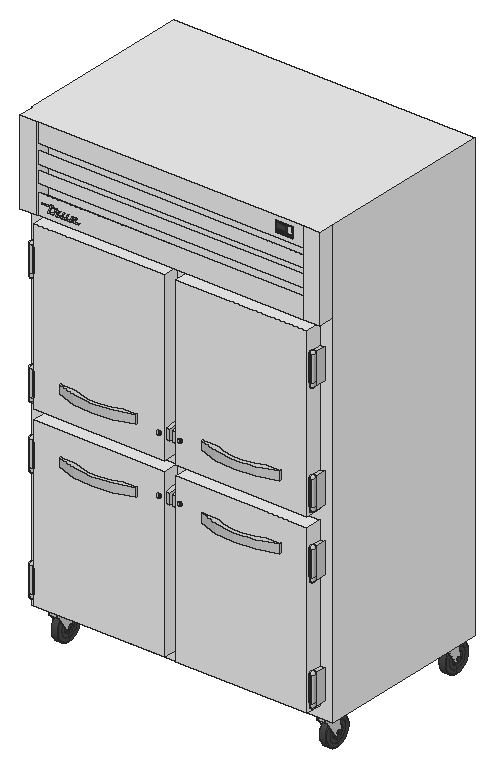
Revit family (continued)
Automatic sketch dimensions
  Extrusion 9 sketch curve to Extrusion 9 sketch curve = 0.06385"
  Extrusion 9 sketch curve to Extrusion 9 sketch curve = 0.02906"
  Extrusion 9 sketch curve to Extrusion 9 sketch curve = 0.02851"
  Extrusion 9 sketch curve to Extrusion 9 sketch curve = 0.29237"
  Extrusion 9 sketch curve to Extrusion 9 sketch curve = 0.00537"
  Extrusion 9 sketch curve to Extrusion 9 sketch curve = 0.0406"
  Extrusion 9 sketch curve to Extrusion 9 sketch curve = 0.04327"
  Extrusion 9 sketch curve to Extrusion 9 sketch curve = 0.02615"
  Extrusion 9 sketch curve to Extrusion 9 sketch curve = 0.11806"
  Extrusion 9 sketch curve to Extrusion 9 sketch curve = 0.15103"
  Extrusion 9 sketch curve to Extrusion 9 sketch curve = 0.10007"
  Extrusion 9 sketch curve to Extrusion 9 sketch curve = 0.5254"
  Extrusion 9 sketch curve to Extrusion 9 sketch curve = 0.14787"
  Extrusion 9 sketch curve to plane 6 "TOP" = 13.64562"
  Extrusion 9 sketch curve to Extrusion 9 sketch curve = 0.07275"
  Extrusion 9 sketch curve to Extrusion 9 sketch curve = 0.05776"
  Extrusion 9 sketch curve to Extrusion 9 sketch curve = 0.08631"
  Extrusion 9 sketch curve to Extrusion 9 sketch curve = 0.09282"
  Extrusion 9 sketch curve to Extrusion 9 sketch curve = 0.13018"
  Extrusion 9 sketch curve to Extrusion 9 sketch curve = 0.16714"
  Extrusion 9 sketch curve to Extrusion 9 sketch curve = 0.11061"
  Extrusion 9 sketch curve to Extrusion 9 sketch curve = 0.06046"
  Extrusion 9 sketch curve to Extrusion 9 sketch curve = 0.16548"
  Extrusion 9 sketch curve to Extrusion 9 sketch curve = 0.14279"
  Extrusion 9 sketch curve to Extrusion 9 sketch curve = 0.0496"
  Extrusion 9 sketch curve to Extrusion 9 sketch curve = 0.07293"
  Extrusion 9 sketch curve to Extrusion 9 sketch curve = 0.07764"
  Extrusion 9 sketch curve to Extrusion 9 sketch curve = 0.03794"
  Extrusion 9 sketch curve to Extrusion 9 sketch curve = 0.08552"
  Extrusion 9 sketch curve to Extrusion 9 sketch curve = 0.09296"
  Extrusion 9 sketch curve to Extrusion 9 sketch curve = 0.09314"
  Extrusion 9 sketch curve to Extrusion 9 sketch curve = 0.02781"
  Extrusion 9 sketch curve to Extrusion 9 sketch curve = 0.04981"
  Extrusion 9 sketch curve to Extrusion 9 sketch curve = 0.09315"
  Extrusion 9 sketch curve to Extrusion 9 sketch curve = 0.04799"
  Extrusion 9 sketch curve to Extrusion 9 sketch curve = 0.02531"
  Extrusion 9 sketch curve to Extrusion 9 sketch curve = 0.03054"
  Extrusion 9 sketch curve to Extrusion 9 sketch curve = 0.2589"
  Extrusion 9 sketch curve to Extrusion 9 sketch curve = 0.0674"
  Extrusion 9 sketch curve to Extrusion 9 sketch curve = 0.0324"
  Extrusion 9 sketch curve to Extrusion 9 sketch curve = 0.26185"
  Extrusion 9 sketch curve to Extrusion 9 sketch curve = 11/256"
  Extrusion 9 sketch curve to Extrusion 9 sketch curve = 0.07366"
  Extrusion 9 sketch curve to Extrusion 9 sketch curve = 0.02187"
  Extrusion 9 sketch curve to Extrusion 9 sketch curve = 0.06479"
  Extrusion 9 sketch curve to Extrusion 9 sketch curve = 0.01183"
  Extrusion 9 sketch curve to Extrusion 9 sketch curve = 0.05778"
  Extrusion 9 sketch curve to Extrusion 9 sketch curve = 0.53375"
  Extrusion 9 sketch curve to Extrusion 9 sketch curve = 0.23098"
  Extrusion 9 sketch curve to Extrusion 9 sketch curve = 0"
  Extrusion 9 sketch curve to Extrusion 9 sketch curve = 0.05045"
  Extrusion 9 sketch curve to Extrusion 9 sketch curve = 0.09139"
  Extrusion 9 sketch curve to Extrusion 9 sketch curve = 29/128"  (x3)
  Extrusion 10 sketch curve to plane 10 = 13/32"
  Extrusion 10 sketch curve to plane 6 "TOP" = 2 1/8"
  plane 5 "FRONT" to Extrusion 11 sketch curve = 0"  (x2)
  plane 9 to Extrusion 11 sketch curve = 4.2625"
  Extrusion 11 sketch curve to Extrusion 11 sketch curve = 2.4"  (x2)
  plane 8 to Extrusion 11 sketch curve = 12 13/32"
  Extrusion 11 sketch curve to Extrusion 11 sketch curve = 0"
  plane 5 "FRONT" to Extrusion 11 sketch curve = 0.2"
  Extrusion 11 sketch curve to plane 5 "FRONT" = 7.77899"
  Extrusion 11 sketch curve to Extrusion 11 sketch curve = 7.30945"
  plane 8 to Blend 12 sketch curve = 15/16"  (x2)
  plane 8 to Blend 12 sketch curve = 3/16"
  plane 7 to Blend 12 sketch curve = 35.99169"
  Blend 12 sketch curve to Blend 12 sketch curve = 1 3/4"
  plane 8 to Blend 12 sketch curve = 0.00527"
  plane 7 to Blend 12 sketch curve = 35.3941"
  Blend 12 sketch curve to Blend 12 sketch curve = 2.78233"
  Blend 13 sketch curve to plane 8 = 1 3/32"
  Blend 13 sketch curve to plane 8 = 11/32"
  plane 7 to Blend 13 sketch curve = 37.74169"
  Blend 13 sketch curve to Blend 13 sketch curve = 1 3/4"
  plane 8 to Blend 13 sketch curve = 1 3/32"
  plane 8 to Blend 13 sketch curve = 0.16152"
  Blend 13 sketch curve to plane 7 = 35.3941"
  Blend 13 sketch curve to Blend 13 sketch curve = 2.78233"
  Extrusion 14 sketch curve to plane 5 "FRONT" = 1/2"
  Extrusion 14 sketch curve to Extrusion 14 sketch curve = 0.43503"
  Extrusion 14 sketch curve to Extrusion 14 sketch curve = 0.20453"
  Extrusion 14 sketch curve to Extrusion 14 sketch curve = 1.61044"
  Extrusion 14 sketch curve to plane 6 "TOP" = 24.88873"
  Extrusion 14 sketch curve to Extrusion 14 sketch curve = 0.71221"
  Extrusion 14 sketch curve to Extrusion 14 sketch curve = 4.39928"
  Revolve 15 sketch curve to plane 5 "FRONT" = 0.07771"  (x2)
  Revolve 15 sketch curve to Revolve 15 sketch curve = 0.38242"
  Revolve 15 sketch curve to Revolve 15 sketch curve = 0.38436"
  Revolve 15 sketch curve to plane 5 "FRONT" = 31/64"
  Revolve 15 sketch curve to Revolve 15 sketch curve = 0.40666"
  Revolve 15 sketch curve to Revolve 15 sketch curve = 0"
  Revolve 15 sketch curve to plane 6 "TOP" = 25.07719"
  Revolve 15 sketch curve to Revolve 15 sketch curve = 0.32931"
  Revolve 15 sketch curve to Revolve 15 sketch curve = 0.51246"
  Revolve 15 sketch curve to Revolve 15 sketch curve = 0.05342"
  Revolve 15 sketch curve to Revolve 15 sketch curve = 4.42889"
  Revolve 15 sketch curve to Revolve 15 sketch curve = 0.04281"
  Revolve 15 sketch curve to Revolve 15 sketch curve = 0.18929"
  Revolve 15 sketch curve to Revolve 15 sketch curve = 0.55526"
  Extrusion 16 sketch curve to plane 9 = 0.96009"
  Extrusion 16 sketch curve to Extrusion 16 sketch curve = 0.39759"
  Extrusion 16 sketch curve to plane 6 "TOP" = 24.12421"
  Extrusion 16 sketch curve to Extrusion 16 sketch curve = 4.47281"
  Extrusion 17 sketch curve to plane 5 "FRONT" = 1/2"
  Extrusion 17 sketch curve to Extrusion 17 sketch curve = 0.43503"
  Extrusion 17 sketch curve to Extrusion 17 sketch curve = 0.20453"
  Extrusion 17 sketch curve to Extrusion 17 sketch curve = 1.61044"
  plane 7 to Extrusion 17 sketch curve = 33.61127"
  Extrusion 17 sketch curve to Extrusion 17 sketch curve = 0.71221"
  Extrusion 17 sketch curve to Extrusion 17 sketch curve = 4.39928"
  Revolve 18 sketch curve to plane 5 "FRONT" = 0.07771"  (x2)
  Revolve 18 sketch curve to Revolve 18 sketch curve = 0.38242"
  Revolve 18 sketch curve to Revolve 18 sketch curve = 0.38436"
  Revolve 18 sketch curve to plane 5 "FRONT" = 31/64"
  Revolve 18 sketch curve to Revolve 18 sketch curve = 0.40666"
  Revolve 18 sketch curve to Revolve 18 sketch curve = 0"
  plane 7 to Revolve 18 sketch curve = 33.42281"
  Revolve 18 sketch curve to Revolve 18 sketch curve = 0.32931"
  Revolve 18 sketch curve to Revolve 18 sketch curve = 0.51246"
  Revolve 18 sketch curve to Revolve 18 sketch curve = 0.05342"
  Revolve 18 sketch curve to Revolve 18 sketch curve = 4.42889"
  Revolve 18 sketch curve to Revolve 18 sketch curve = 0.04281"
  Revolve 18 sketch curve to Revolve 18 sketch curve = 0.18929"
  Revolve 18 sketch curve to Revolve 18 sketch curve = 0.55526"
  Extrusion 19 sketch curve to plane 9 = 0.96009"
  Extrusion 19 sketch curve to Extrusion 19 sketch curve = 0.39759"
  plane 7 to Extrusion 19 sketch curve = 34.37579"
  Extrusion 19 sketch curve to Extrusion 19 sketch curve = 4.47281"
  Extrusion 20 sketch curve to plane 5 "FRONT" = 1/2"
  Extrusion 20 sketch curve to Extrusion 20 sketch curve = 0.43503"
  Extrusion 20 sketch curve to Extrusion 20 sketch curve = 0.20453"
  Extrusion 20 sketch curve to Extrusion 20 sketch curve = 1.61044"
  plane 7 to Extrusion 20 sketch curve = 22.61127"
  Extrusion 20 sketch curve to Extrusion 20 sketch curve = 0.71221"
  Extrusion 20 sketch curve to Extrusion 20 sketch curve = 4.39928"
  Revolve 21 sketch curve to plane 5 "FRONT" = 0.07771"  (x2)
  Revolve 21 sketch curve to Revolve 21 sketch curve = 0.38242"
  Revolve 21 sketch curve to Revolve 21 sketch curve = 0.38436"
  Revolve 21 sketch curve to plane 5 "FRONT" = 31/64"
  Revolve 21 sketch curve to Revolve 21 sketch curve = 0.40666"
  Revolve 21 sketch curve to Revolve 21 sketch curve = 0"
  plane 7 to Revolve 21 sketch curve = 22.42281"
  Revolve 21 sketch curve to Revolve 21 sketch curve = 0.32931"
  Revolve 21 sketch curve to Revolve 21 sketch curve = 0.51246"
  Revolve 21 sketch curve to Revolve 21 sketch curve = 0.05342"
  Revolve 21 sketch curve to Revolve 21 sketch curve = 4.42889"
  Revolve 21 sketch curve to Revolve 21 sketch curve = 0.04281"
  Revolve 21 sketch curve to Revolve 21 sketch curve = 0.18929"
  Revolve 21 sketch curve to Revolve 21 sketch curve = 0.55526"
  Extrusion 22 sketch curve to plane 9 = 0.96009"
  Extrusion 22 sketch curve to Extrusion 22 sketch curve = 0.39759"
  plane 7 to Extrusion 22 sketch curve = 23.37579"
  Extrusion 22 sketch curve to Extrusion 22 sketch curve = 4.47281"
  Extrusion 23 sketch curve to plane 5 "FRONT" = 1/2"
  Extrusion 23 sketch curve to Extrusion 23 sketch curve = 0.43503"
  Extrusion 23 sketch curve to Extrusion 23 sketch curve = 0.20453"
  Extrusion 23 sketch curve to Extrusion 23 sketch curve = 1.61044"
  plane 7 to Extrusion 23 sketch curve = 2.86127"
  Extrusion 23 sketch curve to Extrusion 23 sketch curve = 0.71221"
  Extrusion 23 sketch curve to Extrusion 23 sketch curve = 4.39928"
  Revolve 24 sketch curve to plane 5 "FRONT" = 0.07771"  (x2)
  Revolve 24 sketch curve to Revolve 24 sketch curve = 0.38242"
  Revolve 24 sketch curve to Revolve 24 sketch curve = 0.38436"
  Revolve 24 sketch curve to plane 5 "FRONT" = 31/64"
  Revolve 24 sketch curve to Revolve 24 sketch curve = 0.40666"
  Revolve 24 sketch curve to Revolve 24 sketch curve = 0"
  plane 7 to Revolve 24 sketch curve = 2.67281"
  Revolve 24 sketch curve to Revolve 24 sketch curve = 0.32931"
  Revolve 24 sketch curve to Revolve 24 sketch curve = 0.51246"
  Revolve 24 sketch curve to Revolve 24 sketch curve = 0.05342"
  Revolve 24 sketch curve to Revolve 24 sketch curve = 4.42889"
  Revolve 24 sketch curve to Revolve 24 sketch curve = 0.04281"
  Revolve 24 sketch curve to Revolve 24 sketch curve = 0.18929"
  Revolve 24 sketch curve to Revolve 24 sketch curve = 0.55526"
  Extrusion 25 sketch curve to plane 9 = 0.96009"
  Extrusion 25 sketch curve to Extrusion 25 sketch curve = 0.39759"
  plane 7 to Extrusion 25 sketch curve = 3.62579"
  Extrusion 25 sketch curve to Extrusion 25 sketch curve = 4.47281"
  Extrusion 26 sketch curve to plane 5 "FRONT" = 1/2"
  Extrusion 26 sketch curve to Extrusion 26 sketch curve = 0.43503"
  Extrusion 26 sketch curve to Extrusion 26 sketch curve = 0.20453"
  Extrusion 26 sketch curve to Extrusion 26 sketch curve = 1.61044"
  Extrusion 26 sketch curve to plane 6 "TOP" = 19.57271"
  Extrusion 26 sketch curve to Extrusion 26 sketch curve = 4.39928"
  Extrusion 26 sketch curve to Extrusion 26 sketch curve = 0.71221"
  Revolve 27 sketch curve to plane 5 "FRONT" = 0.07771"  (x2)
  Revolve 27 sketch curve to Revolve 27 sketch curve = 0.38242"
  Revolve 27 sketch curve to Revolve 27 sketch curve = 0.38436"
  Revolve 27 sketch curve to plane 5 "FRONT" = 31/64"
  Revolve 27 sketch curve to Revolve 27 sketch curve = 0.40666"
  Revolve 27 sketch curve to Revolve 27 sketch curve = 0"
  Revolve 27 sketch curve to plane 6 "TOP" = 18.75492"
  Revolve 27 sketch curve to Revolve 27 sketch curve = 0.55526"
  Revolve 27 sketch curve to Revolve 27 sketch curve = 0.19474"
  Revolve 27 sketch curve to Revolve 27 sketch curve = 0.14649"
  Revolve 27 sketch curve to Revolve 27 sketch curve = 4.42889"
  Revolve 27 sketch curve to Revolve 27 sketch curve = 0.05342"
  Revolve 27 sketch curve to Revolve 27 sketch curve = 0.51246"
  Revolve 27 sketch curve to Revolve 27 sketch curve = 0.05889"
  plane 10 to Extrusion 28 sketch curve = 0.96009"
  Extrusion 28 sketch curve to Extrusion 28 sketch curve = 0.39759"
  Extrusion 28 sketch curve to plane 6 "TOP" = 19.6514"
  Extrusion 28 sketch curve to Extrusion 28 sketch curve = 4.47281"
  Extrusion 29 sketch curve to plane 5 "FRONT" = 1/2"
  Extrusion 29 sketch curve to Extrusion 29 sketch curve = 0.43503"
  Extrusion 29 sketch curve to Extrusion 29 sketch curve = 0.20453"
  Extrusion 29 sketch curve to Extrusion 29 sketch curve = 1.61044"
  plane 7 to Extrusion 29 sketch curve = 38.92729"
  Extrusion 29 sketch curve to Extrusion 29 sketch curve = 4.39928"
  Extrusion 29 sketch curve to Extrusion 29 sketch curve = 0.71221"
  Revolve 30 sketch curve to plane 5 "FRONT" = 0.07771"  (x2)
  Revolve 30 sketch curve to Revolve 30 sketch curve = 0.38242"
  Revolve 30 sketch curve to Revolve 30 sketch curve = 0.38436"
  Revolve 30 sketch curve to plane 5 "FRONT" = 31/64"
  Revolve 30 sketch curve to Revolve 30 sketch curve = 0.40666"
  Revolve 30 sketch curve to Revolve 30 sketch curve = 0"
  Revolve 30 sketch curve to plane 6 "TOP" = 38.25492"
  Revolve 30 sketch curve to Revolve 30 sketch curve = 0.55526"
  Revolve 30 sketch curve to Revolve 30 sketch curve = 0.19474"
  Revolve 30 sketch curve to Revolve 30 sketch curve = 0.14649"
  Revolve 30 sketch curve to Revolve 30 sketch curve = 4.42889"
  Revolve 30 sketch curve to Revolve 30 sketch curve = 0.05342"
  Revolve 30 sketch curve to Revolve 30 sketch curve = 0.51246"
  Revolve 30 sketch curve to Revolve 30 sketch curve = 0.05889"
  plane 10 to Extrusion 31 sketch curve = 0.96009"
  Extrusion 31 sketch curve to Extrusion 31 sketch curve = 0.39759"
  plane 7 to Extrusion 31 sketch curve = 38.8486"
  Extrusion 31 sketch curve to Extrusion 31 sketch curve = 4.47281"
  Extrusion 32 sketch curve to plane 5 "FRONT" = 1/2"
  Extrusion 32 sketch curve to Extrusion 32 sketch curve = 0.43503"
  Extrusion 32 sketch curve to Extrusion 32 sketch curve = 0.20453"
  Extrusion 32 sketch curve to Extrusion 32 sketch curve = 1.61044"
  plane 7 to Extrusion 32 sketch curve = 27.92729"
  Extrusion 32 sketch curve to Extrusion 32 sketch curve = 4.39928"
  Extrusion 32 sketch curve to Extrusion 32 sketch curve = 0.71221"
  Revolve 33 sketch curve to plane 5 "FRONT" = 0.07771"  (x2)
  Revolve 33 sketch curve to Revolve 33 sketch curve = 0.38242"
  Revolve 33 sketch curve to Revolve 33 sketch curve = 0.38436"
  Revolve 33 sketch curve to plane 5 "FRONT" = 31/64"
  Revolve 33 sketch curve to Revolve 33 sketch curve = 0.40666"
  Revolve 33 sketch curve to Revolve 33 sketch curve = 0"
  plane 7 to Revolve 33 sketch curve = 28.74508"
  Revolve 33 sketch curve to Revolve 33 sketch curve = 0.55526"
  Revolve 33 sketch curve to Revolve 33 sketch curve = 0.19474"
  Revolve 33 sketch curve to Revolve 33 sketch curve = 0.14649"
  Revolve 33 sketch curve to Revolve 33 sketch curve = 4.42889"
  Revolve 33 sketch curve to Revolve 33 sketch curve = 0.05342"
  Revolve 33 sketch curve to Revolve 33 sketch curve = 0.51246"
  Revolve 33 sketch curve to Revolve 33 sketch curve = 0.05889"
  plane 10 to Extrusion 34 sketch curve = 0.96009"
  Extrusion 34 sketch curve to Extrusion 34 sketch curve = 0.39759"
  plane 7 to Extrusion 34 sketch curve = 27.8486"
  Extrusion 34 sketch curve to Extrusion 34 sketch curve = 4.47281"
  Extrusion 35 sketch curve to plane 5 "FRONT" = 1/2"
  Extrusion 35 sketch curve to Extrusion 35 sketch curve = 0.43503"
  Extrusion 35 sketch curve to Extrusion 35 sketch curve = 0.20453"
  Extrusion 35 sketch curve to Extrusion 35 sketch curve = 1.61044"
  plane 7 to Extrusion 35 sketch curve = 8.17729"
  plane 7 to Extrusion 35 sketch curve = 3.57348"
  Extrusion 35 sketch curve to Extrusion 35 sketch curve = 0.71221"
  Revolve 36 sketch curve to plane 5 "FRONT" = 0.07771"  (x2)
  Revolve 36 sketch curve to Revolve 36 sketch curve = 0.38242"
  Revolve 36 sketch curve to Revolve 36 sketch curve = 0.38436"
  Revolve 36 sketch curve to plane 5 "FRONT" = 31/64"
  Revolve 36 sketch curve to Revolve 36 sketch curve = 0.40666"
  Revolve 36 sketch curve to Revolve 36 sketch curve = 0"
  plane 7 to Revolve 36 sketch curve = 8.99508"
  Revolve 36 sketch curve to Revolve 36 sketch curve = 0.55526"
  Revolve 36 sketch curve to Revolve 36 sketch curve = 0.19474"
  Revolve 36 sketch curve to Revolve 36 sketch curve = 0.14649"
  plane 7 to Revolve 36 sketch curve = 3.62689"
  Revolve 36 sketch curve to Revolve 36 sketch curve = 0.05342"
  Revolve 36 sketch curve to Revolve 36 sketch curve = 0.51246"
  Revolve 36 sketch curve to Revolve 36 sketch curve = 0.05889"
  plane 10 to Extrusion 37 sketch curve = 0.96009"
  Extrusion 37 sketch curve to Extrusion 37 sketch curve = 0.39759"
  plane 7 to Extrusion 37 sketch curve = 8.0986"
  plane 7 to Extrusion 37 sketch curve = 3.62579"
  Revolve 38 sketch curve to plane 10 = 1.50773"
  Revolve 38 sketch curve to Revolve 38 sketch curve = 0.48273"
  Revolve 38 sketch curve to plane 10 = 5/8"  (x2)
  Revolve 38 sketch curve to Revolve 38 sketch curve = 0.1"  (x2)
  Revolve 38 sketch curve to Revolve 38 sketch curve = 0.16101"
  plane 10 to Revolve 38 sketch curve = 0.12908"
  plane 10 to Revolve 38 sketch curve = 0.46399"
  plane 10 to Revolve 38 sketch curve = 0.525"
  Revolve 38 sketch curve to Revolve 38 sketch curve = 1/2"
  Revolve 38 sketch curve to Revolve 38 sketch curve = 0.16509"
  Revolve 38 sketch curve to Revolve 38 sketch curve = 0.39592"
  level to Revolve 38 sketch curve = 2 1/2"
  Revolve 38 sketch curve to Revolve 38 sketch curve = 0"
  Revolve 38 sketch curve to Revolve 38 sketch curve = 0.29941"  (x2)
  Revolve 38 sketch curve to Revolve 38 sketch curve = 3/4"  (x4)
  Revolve 38 sketch curve to Revolve 38 sketch curve = 0.59652"
  Revolve 38 sketch curve to Revolve 38 sketch curve = 0.60059"
  Extrusion 39 sketch curve to plane 7 = 0.63926"  (x2)
  Extrusion 39 sketch curve to plane 5 "FRONT" = 3.79864"
  Extrusion 39 sketch curve to Extrusion 39 sketch curve = 1/4"  (x2)
  level to Extrusion 39 sketch curve = 2.18736"  (x2)
  Extrusion 39 sketch curve to Extrusion 39 sketch curve = 1.7492"
  Extrusion 39 sketch curve to Extrusion 39 sketch curve = 0.50669"  (x2)
  Extrusion 39 sketch curve to Extrusion 39 sketch curve = 2 1/2"
  level to Extrusion 39 sketch curve = 2.59003"
  Extrusion 39 sketch curve to Extrusion 39 sketch curve = 0.59966"  (x2)
  plane 1 "BACK" to Extrusion 39 sketch curve = 3.8577"
  plane 1 "BACK" to Extrusion 39 sketch curve = 1.8585"
  plane 1 "BACK" to Extrusion 39 sketch curve = 1.1077"
  Extrusion 39 sketch curve to Extrusion 39 sketch curve = 0.32905"
  Extrusion 39 sketch curve to Extrusion 39 sketch curve = 0.60485"  (x2)
  Extrusion 40 sketch curve to plane 7 = 0.63926"  (x2)
  Extrusion 40 sketch curve to plane 5 "FRONT" = 3.79864"
  Extrusion 40 sketch curve to Extrusion 40 sketch curve = 1/4"  (x2)
  level to Extrusion 40 sketch curve = 2.18736"  (x2)
  Extrusion 40 sketch curve to Extrusion 40 sketch curve = 1.7492"
  Extrusion 40 sketch curve to Extrusion 40 sketch curve = 0.50669"  (x2)
  Extrusion 40 sketch curve to Extrusion 40 sketch curve = 2 1/2"
  level to Extrusion 40 sketch curve = 2.59003"
  Extrusion 40 sketch curve to Extrusion 40 sketch curve = 0.59966"  (x2)
  plane 1 "BACK" to Extrusion 40 sketch curve = 3.8577"
  plane 1 "BACK" to Extrusion 40 sketch curve = 1.8585"
  plane 1 "BACK" to Extrusion 40 sketch curve = 1.1077"
  Extrusion 40 sketch curve to Extrusion 40 sketch curve = 0.32905"
  Extrusion 40 sketch curve to Extrusion 40 sketch curve = 0.60485"  (x2)
  Revolve 41 sketch curve to plane 10 = 0"  (x2)
  Revolve 41 sketch curve to plane 7 = 0.62954"
  Revolve 41 sketch curve to plane 10 = 1.29707"
  Revolve 41 sketch curve to Revolve 41 sketch curve = 0.10278"
  Revolve 41 sketch curve to plane 7 = 0.00141"
  plane 7 to Revolve 41 sketch curve = 0.26768"
  Revolve 42 sketch curve to level = 0"
  Revolve 42 sketch curve to plane 10 = 0"  (x2)
  Revolve 42 sketch curve to plane 10 = 1/2"
  Revolve 42 sketch curve to Revolve 42 sketch curve = 1/4"
  Revolve 42 sketch curve to plane 7 = 0"
  Revolve 42 sketch curve to Revolve 42 sketch curve = 1.33338"
  level to Revolve 42 sketch curve = 1"
  Revolve 42 sketch curve to Revolve 42 sketch curve = 5/8"
  plane 7 to Revolve 42 sketch curve = 1 25/32"
  Revolve 43 sketch curve to level = 0"
  Revolve 43 sketch curve to plane 10 = 0"  (x2)
  Revolve 43 sketch curve to plane 10 = 1/2"
  Revolve 43 sketch curve to Revolve 43 sketch curve = 1/4"
  Revolve 43 sketch curve to plane 7 = 0"
  Revolve 43 sketch curve to Revolve 43 sketch curve = 1.33338"
  level to Revolve 43 sketch curve = 1"
  Revolve 43 sketch curve to Revolve 43 sketch curve = 5/8"
  plane 7 to Revolve 43 sketch curve = 1 25/32"
  Revolve 44 sketch curve to plane 10 = 0"  (x2)
  Revolve 44 sketch curve to plane 7 = 0.62954"
  Revolve 44 sketch curve to plane 10 = 1.29707"
  Revolve 44 sketch curve to Revolve 44 sketch curve = 0.10278"
  Revolve 44 sketch curve to plane 7 = 0.00141"
  plane 7 to Revolve 44 sketch curve = 0.26768"
  Extrusion 45 sketch curve to plane 7 = 0.63926"  (x2)
  Extrusion 45 sketch curve to plane 5 "FRONT" = 3.79864"
  Extrusion 45 sketch curve to Extrusion 45 sketch curve = 1/4"  (x2)
  Extrusion 45 sketch curve to Extrusion 45 sketch curve = 2 1/2"
  Extrusion 45 sketch curve to plane 7 = 0.93273"  (x2)
  Extrusion 45 sketch curve to Extrusion 45 sketch curve = 0.03603"
  plane 1 "BACK" to Extrusion 45 sketch curve = 3.8577"
  Extrusion 45 sketch curve to plane 7 = 1.24411"
  plane 1 "BACK" to Extrusion 45 sketch curve = 1.1077"
  Revolve 46 sketch curve to plane 10 = 1.50773"
  Revolve 46 sketch curve to Revolve 46 sketch curve = 0.48273"
  Revolve 46 sketch curve to plane 10 = 5/8"  (x2)
  Revolve 46 sketch curve to Revolve 46 sketch curve = 0.1"  (x2)
  Revolve 46 sketch curve to Revolve 46 sketch curve = 0.16101"
  plane 10 to Revolve 46 sketch curve = 0.12908"
  plane 10 to Revolve 46 sketch curve = 0.46399"
  plane 10 to Revolve 46 sketch curve = 0.525"
  Revolve 46 sketch curve to Revolve 46 sketch curve = 1/2"
  Revolve 46 sketch curve to Revolve 46 sketch curve = 0.16509"
  Revolve 46 sketch curve to Revolve 46 sketch curve = 0.39592"
  level to Revolve 46 sketch curve = 2 1/2"
  Revolve 46 sketch curve to Revolve 46 sketch curve = 0"
  Revolve 46 sketch curve to Revolve 46 sketch curve = 0.29941"  (x2)
  Revolve 46 sketch curve to Revolve 46 sketch curve = 3/4"  (x4)
  Revolve 46 sketch curve to Revolve 46 sketch curve = 0.59652"
  Revolve 46 sketch curve to Revolve 46 sketch curve = 0.60059"
  plane 3 "LEFT" to Revolve 47 sketch curve = 1.33602"
  Revolve 47 sketch curve to Revolve 47 sketch curve = 0.48273"
  Revolve 47 sketch curve to plane 9 = 5/8"  (x2)
  Revolve 47 sketch curve to Revolve 47 sketch curve = 0.1"  (x2)
  Revolve 47 sketch curve to Revolve 47 sketch curve = 0.16101"
  plane 9 to Revolve 47 sketch curve = 0.12908"
  plane 9 to Revolve 47 sketch curve = 0.46399"
  plane 9 to Revolve 47 sketch curve = 0.525"
  Revolve 47 sketch curve to Revolve 47 sketch curve = 1/2"
  Revolve 47 sketch curve to Revolve 47 sketch curve = 0.16509"
  Revolve 47 sketch curve to Revolve 47 sketch curve = 0.39592"
  level to Revolve 47 sketch curve = 2 1/2"
  Revolve 47 sketch curve to Revolve 47 sketch curve = 0"
  Revolve 47 sketch curve to Revolve 47 sketch curve = 0.29941"  (x2)
  Revolve 47 sketch curve to Revolve 47 sketch curve = 3/4"  (x4)
  Revolve 47 sketch curve to Revolve 47 sketch curve = 0.59652"
  Revolve 47 sketch curve to Revolve 47 sketch curve = 0.60059"
  Extrusion 48 sketch curve to plane 7 = 0.63926"  (x2)
  Extrusion 48 sketch curve to plane 5 "FRONT" = 3.79864"
  Extrusion 48 sketch curve to Extrusion 48 sketch curve = 1/4"  (x2)
  level to Extrusion 48 sketch curve = 2.18736"  (x2)
  Extrusion 48 sketch curve to Extrusion 48 sketch curve = 1.7492"
  Extrusion 48 sketch curve to Extrusion 48 sketch curve = 0.50669"  (x2)
  Extrusion 48 sketch curve to Extrusion 48 sketch curve = 2 1/2"
  level to Extrusion 48 sketch curve = 2.59003"
  Extrusion 48 sketch curve to Extrusion 48 sketch curve = 0.59966"  (x2)
  plane 1 "BACK" to Extrusion 48 sketch curve = 3.8577"
  plane 1 "BACK" to Extrusion 48 sketch curve = 1.8585"
  plane 1 "BACK" to Extrusion 48 sketch curve = 1.1077"
  Extrusion 48 sketch curve to Extrusion 48 sketch curve = 0.32905"
  Extrusion 48 sketch curve to Extrusion 48 sketch curve = 0.60485"  (x2)
  Extrusion 49 sketch curve to plane 7 = 0.63926"  (x2)
  Extrusion 49 sketch curve to plane 5 "FRONT" = 3.79864"
  Extrusion 49 sketch curve to Extrusion 49 sketch curve = 1/4"  (x2)
  level to Extrusion 49 sketch curve = 2.18736"  (x2)
  Extrusion 49 sketch curve to Extrusion 49 sketch curve = 1.7492"
  Extrusion 49 sketch curve to Extrusion 49 sketch curve = 0.50669"  (x2)
  Extrusion 49 sketch curve to Extrusion 49 sketch curve = 2 1/2"
  level to Extrusion 49 sketch curve = 2.59003"
  Extrusion 49 sketch curve to Extrusion 49 sketch curve = 0.59966"  (x2)
  plane 1 "BACK" to Extrusion 49 sketch curve = 3.8577"
  plane 1 "BACK" to Extrusion 49 sketch curve = 1.8585"
  plane 1 "BACK" to Extrusion 49 sketch curve = 1.1077"
  Extrusion 49 sketch curve to Extrusion 49 sketch curve = 0.32905"
  Extrusion 49 sketch curve to Extrusion 49 sketch curve = 0.60485"  (x2)
  Revolve 50 sketch curve to plane 9 = 0"  (x2)
  Revolve 50 sketch curve to plane 7 = 0.62954"
  Revolve 50 sketch curve to plane 9 = 1.29707"
  Revolve 50 sketch curve to Revolve 50 sketch curve = 0.10278"
  Revolve 50 sketch curve to plane 7 = 0.00141"
  plane 7 to Revolve 50 sketch curve = 0.26768"
  Revolve 51 sketch curve to level = 0"
  Revolve 51 sketch curve to plane 9 = 0"  (x2)
  Revolve 51 sketch curve to plane 9 = 1/2"
  Revolve 51 sketch curve to Revolve 51 sketch curve = 1/4"
  Revolve 51 sketch curve to plane 7 = 0"
  Revolve 51 sketch curve to plane 9 = 1.33338"
  level to Revolve 51 sketch curve = 1"
  Revolve 51 sketch curve to Revolve 51 sketch curve = 5/8"
  plane 7 to Revolve 51 sketch curve = 1 25/32"
  Revolve 52 sketch curve to level = 0"
  Revolve 52 sketch curve to plane 9 = 0"  (x2)
  Revolve 52 sketch curve to plane 9 = 1/2"
  Revolve 52 sketch curve to Revolve 52 sketch curve = 1/4"
  Revolve 52 sketch curve to plane 7 = 0"
  Revolve 52 sketch curve to plane 9 = 1.33338"
  level to Revolve 52 sketch curve = 1"
  Revolve 52 sketch curve to Revolve 52 sketch curve = 5/8"
  plane 7 to Revolve 52 sketch curve = 1 25/32"
  Revolve 53 sketch curve to plane 9 = 0"  (x2)
  Revolve 53 sketch curve to plane 7 = 0.62954"
  Revolve 53 sketch curve to plane 9 = 1.29707"
  Revolve 53 sketch curve to Revolve 53 sketch curve = 0.10278"
  Revolve 53 sketch curve to plane 7 = 0.00141"
  plane 7 to Revolve 53 sketch curve = 0.26768"
  Extrusion 54 sketch curve to plane 7 = 0.63926"  (x2)
  Extrusion 54 sketch curve to plane 5 "FRONT" = 3.79864"
  Extrusion 54 sketch curve to Extrusion 54 sketch curve = 1/4"  (x2)
  Extrusion 54 sketch curve to Extrusion 54 sketch curve = 2 1/2"
  Extrusion 54 sketch curve to plane 7 = 0.93273"  (x2)
  Extrusion 54 sketch curve to Extrusion 54 sketch curve = 0.03603"
  plane 1 "BACK" to Extrusion 54 sketch curve = 3.8577"
  Extrusion 54 sketch curve to plane 7 = 1.24411"
  plane 1 "BACK" to Extrusion 54 sketch curve = 1.1077"
  plane 3 "LEFT" to Revolve 55 sketch curve = 1.33602"
  Revolve 55 sketch curve to Revolve 55 sketch curve = 0.48273"
  Revolve 55 sketch curve to plane 9 = 5/8"  (x2)
  Revolve 55 sketch curve to Revolve 55 sketch curve = 0.1"  (x2)
  Revolve 55 sketch curve to Revolve 55 sketch curve = 0.16101"
  plane 9 to Revolve 55 sketch curve = 0.12908"
  plane 9 to Revolve 55 sketch curve = 0.46399"
  plane 9 to Revolve 55 sketch curve = 0.525"
  Revolve 55 sketch curve to Revolve 55 sketch curve = 1/2"
  Revolve 55 sketch curve to Revolve 55 sketch curve = 0.16509"
  Revolve 55 sketch curve to Revolve 55 sketch curve = 0.39592"
  level to Revolve 55 sketch curve = 2 1/2"
  Revolve 55 sketch curve to Revolve 55 sketch curve = 0"
  Revolve 55 sketch curve to Revolve 55 sketch curve = 0.29941"  (x2)
  Revolve 55 sketch curve to Revolve 55 sketch curve = 3/4"  (x4)
  Revolve 55 sketch curve to Revolve 55 sketch curve = 0.59652"
  Revolve 55 sketch curve to Revolve 55 sketch curve = 0.60059"
  Extrusion 56 sketch curve to plane 6 "TOP" = 2.55982"
  Extrusion 56 sketch curve to plane 10 = 5.12093"
  Extrusion 56 sketch curve to plane 10 = 2.21468"
  Extrusion 56 sketch curve to plane 6 "TOP" = 13/16"
  Extrusion 57 sketch curve to plane 6 "TOP" = 3/4"
  Extrusion 57 sketch curve to plane 10 = 5.18343"
  Extrusion 57 sketch curve to Extrusion 57 sketch curve = 1/16"  (x4)
  Extrusion 57 sketch curve to Extrusion 57 sketch curve = 0.1375"  (x2)
  Extrusion 57 sketch curve to Extrusion 57 sketch curve = 1/4"  (x4)
  Extrusion 57 sketch curve to Extrusion 57 sketch curve = 0.44601"
  Extrusion 57 sketch curve to Extrusion 57 sketch curve = 1/2"  (x2)
  Extrusion 57 sketch curve to Extrusion 57 sketch curve = 0.0035"
  Extrusion 57 sketch curve to Extrusion 57 sketch curve = 1.06923"
  Extrusion 57 sketch curve to plane 6 "TOP" = 0.95"
  Extrusion 57 sketch curve to Extrusion 57 sketch curve = 1"
  Extrusion 57 sketch curve to Extrusion 57 sketch curve = 0.34106"  (x3)
  Extrusion 57 sketch curve to Extrusion 57 sketch curve = 0"
  Extrusion 57 sketch curve to Extrusion 57 sketch curve = 0.26876"
  Extrusion 59 sketch curve to plane 9 = 0"
  Extrusion 59 sketch curve to plane 5 "FRONT" = 5.09023"
  Extrusion 60 sketch curve to plane 9 = 0"
  plane 1 "BACK" to Extrusion 60 sketch curve = 2.69102"
  Extrusion 61 sketch curve to plane 10 = 0"
  plane 1 "BACK" to Extrusion 61 sketch curve = 2.69102"
  Extrusion 62 sketch curve to plane 10 = 0"
  Extrusion 62 sketch curve to plane 5 "FRONT" = 5.09023"
  plane 5 "FRONT" to Extrusion 63 sketch curve = 0"  (x2)
  plane 10 to Extrusion 63 sketch curve = 13/32"
  Extrusion 63 sketch curve to plane 8 = 1 3/32"
  plane 8 to Extrusion 63 sketch curve = 15/16"
  Extrusion 63 sketch curve to plane 9 = 9/16"
  plane 8 to Extrusion 64 sketch curve = 1 233/256"
  Extrusion 64 sketch curve to Extrusion 64 sketch curve = 9/256"
  Extrusion 64 sketch curve to Extrusion 64 sketch curve = 0.0555"  (x2)
  Extrusion 64 sketch curve to plane 8 = 1.72965"
  Extrusion 64 sketch curve to Extrusion 64 sketch curve = 0.02035"
  plane 7 to Extrusion 64 sketch curve = 26.66365"
  Extrusion 64 sketch curve to Extrusion 64 sketch curve = 0"
  Extrusion 64 sketch curve to Extrusion 64 sketch curve = 0.27385"  (x2)
  Extrusion 64 sketch curve to Extrusion 64 sketch curve = 0.29355"  (x2)
  plane 8 to Blend 65 sketch curve = 15/16"
  plane 8 to Blend 65 sketch curve = 3/16"
  plane 7 to Blend 65 sketch curve = 26.00831"
  Blend 65 sketch curve to Blend 65 sketch curve = 1 3/4"
  Blend 65 sketch curve to plane 8 = 15/16"
  Blend 65 sketch curve to plane 8 = 0.00527"
  Blend 65 sketch curve to plane 7 = 28.3559"
  Blend 65 sketch curve to Blend 65 sketch curve = 2.78233"
  Blend 66 sketch curve to plane 8 = 1 3/32"  (x2)
  Blend 66 sketch curve to plane 8 = 11/32"
  plane 7 to Blend 66 sketch curve = 27.75831"
  Blend 66 sketch curve to Blend 66 sketch curve = 1 3/4"
  Blend 66 sketch curve to plane 8 = 0.16152"
  plane 7 to Blend 66 sketch curve = 28.3559"
  Blend 66 sketch curve to Blend 66 sketch curve = 2.78233"
  plane 5 "FRONT" to Extrusion 67 sketch curve = 0"  (x2)
  Extrusion 67 sketch curve to plane 8 = 5.7625"
  Extrusion 67 sketch curve to Extrusion 67 sketch curve = 2.4"  (x2)
  Extrusion 67 sketch curve to Extrusion 67 sketch curve = 4.4"
  Extrusion 67 sketch curve to Extrusion 67 sketch curve = 0"
  Extrusion 67 sketch curve to Extrusion 67 sketch curve = 0.2"
  Extrusion 67 sketch curve to plane 5 "FRONT" = 7.77899"
  Extrusion 67 sketch curve to Extrusion 67 sketch curve = 7.30945"
  plane 5 "FRONT" to Extrusion 68 sketch curve = 0"  (x2)
  plane 9 to Extrusion 68 sketch curve = 4.2625"
  Extrusion 68 sketch curve to Extrusion 68 sketch curve = 2.4"  (x2)
  plane 8 to Extrusion 68 sketch curve = 12 13/32"
  Extrusion 68 sketch curve to Extrusion 68 sketch curve = 0"
  plane 5 "FRONT" to Extrusion 68 sketch curve = 0.2"
  Extrusion 68 sketch curve to plane 5 "FRONT" = 7.77899"
  Extrusion 68 sketch curve to Extrusion 68 sketch curve = 7.30945"
  plane 5 "FRONT" to Extrusion 58 sketch curve = 0"  (x2)
  plane 10 to Extrusion 58 sketch curve = 13/32"
  Extrusion 58 sketch curve to plane 12 = 15/16"
  plane 8 to Extrusion 58 sketch curve = 15/16"
  Extrusion 58 sketch curve to plane 9 = 9/16"
  radius of Extrusion 8 sketch curve = 0.35"  (x2)
  radius of Extrusion 10 sketch curve = 1/4"
  radius of Extrusion 59 sketch curve = 1 1/2"
  radius of Extrusion 60 sketch curve = 1 1/2"
  radius of Extrusion 61 sketch curve = 1 1/2"
  radius of Extrusion 62 sketch curve = 1 1/2"
  radius of Extrusion 64 sketch curve = 0.35"  (x2)
Connectors (in)
  electrical at (49.53125, -0.0625, 82), driven by "Volts", driven by "Watts"
    settings: on Extrusion 10, index 1, voltage 208 V, apparent load 3000 VA, apparent load phase1 0 VA, apparent load phase2 0 VA, apparent load phase3 0 VA, power factor 1, load classification "Other", number of poles 1, system type 30, power factor state 1, is connector primary yes, connector utility no, sub classification motor no, connector description "Electrical Connection"
